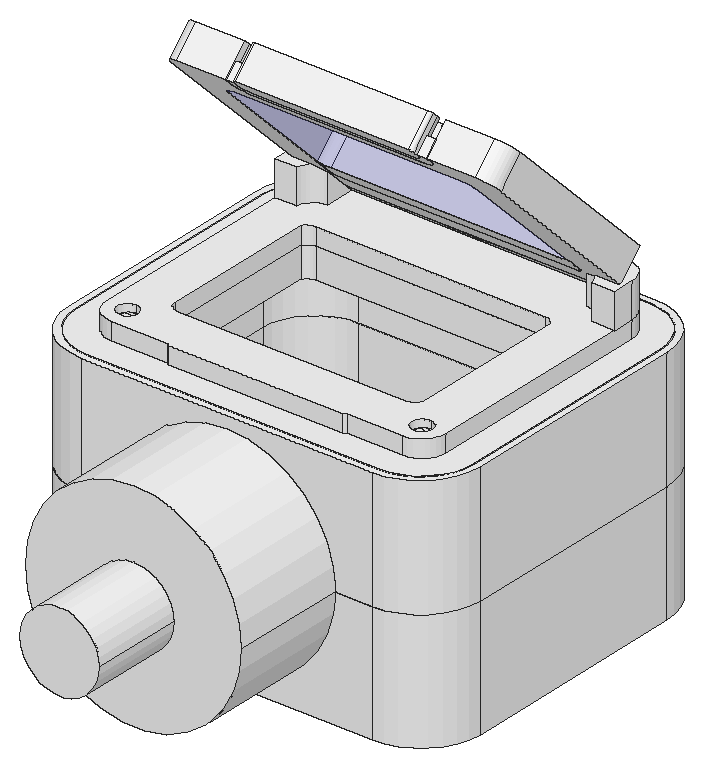
Revit family "Domotics-DomesticRanges-GEWISS-27COMBI_SYSTEM-IP55_FIXING_POST_HEAD", category Apparecchi elettrici, host Superficie, Revit 2016
Family settings
  Host = Superficie
  Mantenere orientamento annotazione = No
  Tipo di parte = Normale
  Quota connettore circolare = Usa diametro
  Numero OmniClass = 23.80.30.14.24
  Titolo OmniClass = Junction Boxes
  Taglio con vuoti quando caricato = Sì
  Condiviso = No
  Punto di calcolo locali = No
Parameters (values of type "GW27056 - 3 gangs - pole head fixing")
  Version file RFA = "19.4"
  URL = "https://www.gewiss.com/ww/en"
  Torque screws tightening = "0,8NM"
  Thermo-pressure with ball = "70 °C"
  Technical sheet = "https://www.gewiss.com/ww/en/search?q=GW27056"
  Standard; = "EN 60670-1"
  Shock resistance = "IK07"
  SPORTELLO APERTO [instance] = yes
  SEO = "Enclosure"
  Realized by GEWISS S.p.A. = ""
  Produttore = "GEWISS S.p.A."
  Outer dim. LxHxD (mm) = "122x149x85"
  Offset = 0 mm
  No. open holes = "1"
  No. SYSTEM modules = "3 gang"
  Modello = "GW27056"
  Lid screws = "Stainless steel"
  Insulation class = "II"
  Installation temperature = "-25 +60 °C"
  IP degree = "IP55"
  IFC.TypeObject = ""
  IFC.ExportType = ""
  IFC.ExportAs = ""
  Default Elevation = 1219.2 mm
  Immagine tipo = gw27056.jpg
  IDT = "95c7bd8d-86a8-4c38-ba26-845f677c2e43"
  IDF = "5c8ceb39-317a-4b59-b217-c3f2397e216f"
  Glow Wire Test = "650°C"
  For pole Ã˜ = "54-60MM"
  Fixing = "Post head"
  Electrocod = "0212"
  EAN code = "8011564055421"
  Door type = "With membrane"
  Door colour: = "Transparent"
  Descrizione = "3 GANG ENCL.POLE HEAD FIXING"
  Description: = "3 gang"
  Colour = "Grey RAL 7035"
  Catalogue Range = "27COMBI"
  Catalogue = "DOMOTICS"
  COBie.Tagnumber = ""
  COBie.CreatedOn = ""
  COBie.CreatebBy = ""
  COBie.ComponentRegisterItemID = ""
  COBie.Component.TagNumber = ""
  COBie.Component.Space = ""
  COBie.Component.SerialNumber = ""
  COBie.Component.InstallationDate = ""
  COBie.Component.Description = ""
  COBie.Component.BarCode = ""
Reference planes
  plane 1 "Centro (Fronte/Retro)": y = 0
  plane 2: z = 0
  plane 3 "Centro (Sinistra/Destra)": x = 0
  plane 4: z = 0
  plane 5: x = -60
  plane 6: x = 60
  plane 7: y = -51.5
  plane 8: y = 51.5
  plane 9: z = 66
Lines and regions (mm)
  Masking region 1
    outline origin (0, 0, 0) x (1, 0, 0) y (0, 0, 1)
      loop
        line (-60, 66) -> (-60, 0) -> (60, 0) -> (60, 66) -> (-60, 66)
  Masking region 2
    outline origin (0, 0, 0) x (0, 1, 0) y (0, 0, 1)
      loop
        line (-51.5, 66) -> (-51.5, 0) -> (51.5, 0) -> (51.5, 66) -> (-51.5, 66)
  Masking region 3
    outline origin (0, 0, 0) x (1, 0, 0) y (0, 1, 0)
      loop
        arc (60, 34) -> (54.874, 46.374) -> (42.5, 51.5) r 17.5
        line (42.5, 51.5) -> (-42.5, 51.5)
        arc (-42.5, 51.5) -> (-54.874, 46.374) -> (-60, 34) r 17.5
        line (-60, 34) -> (-60, -34)
        arc (-60, -34) -> (-54.874, -46.374) -> (-42.5, -51.5) r 17.5
        line (-42.5, -51.5) -> (42.5, -51.5)
        arc (42.5, -51.5) -> (54.874, -46.374) -> (60, -34) r 17.5
        line (60, -34) -> (60, 34)
      loop
        arc (56.306, 34.157) -> (52.271, 43.898) -> (42.529, 47.933) r 13.777
        line (42.529, 47.933) -> (-42.496, 47.933)
        arc (-42.496, 47.933) -> (-51.949, 44.221) -> (-56.35, 35.067) r 13.891
        line (-56.35, 35.067) -> (-56.35, -34)
        arc (-56.35, -34) -> (-52.293, -43.793) -> (-42.5, -47.85) r 13.85
        line (-42.5, -47.85) -> (42.5, -47.85)
        arc (42.5, -47.85) -> (52.675, -43.395) -> (56.306, -32.898) r 13.85
        line (56.306, -32.898) -> (56.306, 34.157)
      loop
        line (26.425, -40.831) -> (42.763, -40.831)
        arc (42.763, -40.831) -> (47.713, -38.781) -> (49.763, -33.831) r 7
        line (49.763, -33.831) -> (49.763, 34.169)
        arc (49.763, 34.169) -> (47.713, 39.118) -> (42.763, 41.169) r 7
        line (42.763, 41.169) -> (-42.237, 41.169)
        arc (-42.237, 41.169) -> (-47.186, 39.118) -> (-49.237, 34.169) r 7
        line (-49.237, 34.169) -> (-49.237, -33.831)
        arc (-49.237, -33.831) -> (-47.186, -38.781) -> (-42.237, -40.831) r 7
        line (-42.237, -40.831) -> (-25.898, -40.831)
        arc (-25.898, -40.831) -> (-25.533, -41.192) -> (-25.037, -41.324) r 1
        line (-25.037, -41.324) -> (25.563, -41.324)
        arc (25.563, -41.324) -> (26.06, -41.192) -> (26.425, -40.831) r 1
      loop
        circle (-17.337, -38.622) r 1
      loop
        circle (-8.537, -38.622) r 1
      loop
        circle (0.263, -38.622) r 1
      loop
        circle (9.063, -38.622) r 1
      loop
        circle (17.863, -38.622) r 1
      loop
        circle (43.263, -34.331) r 3
      loop
        circle (-42.737, -34.331) r 3
      loop
        circle (-42.737, 34.669) r 3
      loop
        circle (43.263, 34.669) r 3
      loop
        arc (-33.5, 30.169) -> (-35.621, 29.29) -> (-36.5, 27.169) r 3
        line (-36.5, 27.169) -> (-36.5, -24.831)
        arc (-36.5, -24.831) -> (-35.621, -26.953) -> (-33.5, -27.831) r 3
        line (-33.5, -27.831) -> (33.5, -27.831)
        arc (33.5, -27.831) -> (35.621, -26.953) -> (36.5, -24.831) r 3
        line (36.5, -24.831) -> (36.5, 27.169)
        arc (36.5, 27.169) -> (35.621, 29.29) -> (33.5, 30.169) r 3
        line (33.5, 30.169) -> (-33.5, 30.169)
      loop
        line (34.65, 19.669) -> (-34.65, 19.669) -> (-34.65, -25.331) -> (34.65, -25.331) -> (34.65, 19.669)
      loop
        line (11.59, -85.533) -> (-11.59, -85.533) -> (-11.59, -112.5) -> (11.59, -112.5) -> (11.59, -85.533)
  Masking region 4
    outline origin (0, 0, 0) x (1, 0, 0) y (0, 1, 0)
      loop
        line (42.529, 47.933) -> (-42.496, 47.933)
        arc (-42.496, 47.933) -> (-51.949, 44.221) -> (-56.35, 35.067) r 13.891
        line (-56.35, 35.067) -> (-56.35, -34)
        arc (-56.35, -34) -> (-52.293, -43.793) -> (-42.5, -47.85) r 13.85
        line (-42.5, -47.85) -> (42.5, -47.85)
        arc (42.5, -47.85) -> (52.675, -43.395) -> (56.306, -32.898) r 13.85
        line (56.306, -32.898) -> (56.306, 34.157)
        arc (56.306, 34.157) -> (52.271, 43.898) -> (42.529, 47.933) r 13.777
      loop
        line (42.763, 41.169) -> (-42.237, 41.169)
        arc (-42.237, 41.169) -> (-47.186, 39.118) -> (-49.237, 34.169) r 7
        line (-49.237, 34.169) -> (-49.237, -33.831)
        arc (-49.237, -33.831) -> (-47.186, -38.781) -> (-42.237, -40.831) r 7
        line (-42.237, -40.831) -> (-25.898, -40.831)
        arc (-25.898, -40.831) -> (-25.533, -41.192) -> (-25.037, -41.324) r 1
        line (-25.037, -41.324) -> (25.563, -41.324)
        arc (25.563, -41.324) -> (26.06, -41.192) -> (26.425, -40.831) r 1
        line (26.425, -40.831) -> (42.763, -40.831)
        arc (42.763, -40.831) -> (47.713, -38.781) -> (49.763, -33.831) r 7
        line (49.763, -33.831) -> (49.763, 34.169)
        arc (49.763, 34.169) -> (47.713, 39.118) -> (42.763, 41.169) r 7
  Masking region 5
    outline origin (0, 0, 0) x (1, 0, 0) y (0, 1, 0)
      loop
        line (-37.737, 41.169) -> (-42.237, 41.169)
        arc (-42.237, 41.169) -> (-47.186, 39.118) -> (-49.237, 34.169) r 7
        line (-49.237, 34.169) -> (-49.237, 27.637)
        arc (-49.237, 27.637) -> (-46.111, 27.71) -> (-42.986, 27.836) r 185.778
        arc (-42.986, 27.836) -> (-41.206, 31.123) -> (-37.737, 32.513) r 5.5
        line (-37.737, 32.513) -> (-37.737, 41.169)
      loop
        line (49.763, 27.16) -> (49.763, 34.169)
        arc (49.763, 34.169) -> (47.713, 39.118) -> (42.763, 41.169) r 7
        line (42.763, 41.169) -> (38.063, 41.169) -> (38.063, 32.217)
        arc (38.063, 32.217) -> (41.631, 30.811) -> (43.264, 27.342) r 5.2
        arc (43.264, 27.342) -> (46.513, 27.221) -> (49.763, 27.16) r 177.869
      loop
        circle (-42.737, 34.669) r 3
      loop
        circle (43.263, 34.669) r 3
      loop
        arc (-33.5, 30.169) -> (-35.621, 29.29) -> (-36.5, 27.169) r 3
        line (-36.5, 27.169) -> (-36.5, 20.971)
        arc (-36.5, 20.971) -> (-35.223, 22.215) -> (-33.5, 22.669) r 3.5
        line (-33.5, 22.669) -> (33.5, 22.669)
        arc (33.5, 22.669) -> (35.223, 22.215) -> (36.5, 20.971) r 3.5
        line (36.5, 20.971) -> (36.5, 27.169)
        arc (36.5, 27.169) -> (35.621, 29.29) -> (33.5, 30.169) r 3
        line (33.5, 30.169) -> (-33.5, 30.169)
  Masking region 6
    outline origin (0, 0, 0) x (1, 0, 0) y (0, 1, 0)
      loop
        arc (-23.037, -35.165) -> (-25.158, -36.044) -> (-26.037, -38.165) r 3
        line (-26.037, -38.165) -> (-26.037, -40.324)
        arc (-26.037, -40.324) -> (-25.744, -41.031) -> (-25.037, -41.324) r 1
        line (-25.037, -41.324) -> (25.563, -41.324)
        arc (25.563, -41.324) -> (26.271, -41.031) -> (26.563, -40.324) r 1
        line (26.563, -40.324) -> (26.563, -38.165)
        arc (26.563, -38.165) -> (25.685, -36.044) -> (23.563, -35.165) r 3
        line (23.563, -35.165) -> (-23.037, -35.165)
      loop
        circle (-17.337, -38.622) r 1
      loop
        circle (-8.537, -38.622) r 1
      loop
        circle (0.263, -38.622) r 1
      loop
        circle (9.063, -38.622) r 1
      loop
        circle (17.863, -38.622) r 1
      loop
        arc (-47.7, 27.667) -> (-48.468, 27.65) -> (-49.237, 27.637) r 185.778
        line (-49.237, 27.637) -> (-49.237, -33.831)
        arc (-49.237, -33.831) -> (-47.186, -38.781) -> (-42.237, -40.831) r 7
        line (-42.237, -40.831) -> (-29.037, -40.831) -> (-29.037, -39.2) -> (-38.5, -39.2)
        arc (-38.5, -39.2) -> (-39.207, -38.907) -> (-39.5, -38.2) r 1
        line (-39.5, -38.2) -> (-39.5, -34.5)
        arc (-39.5, -34.5) -> (-40.525, -32.025) -> (-43, -31) r 3.5
        line (-43, -31) -> (-46.7, -31)
        arc (-46.7, -31) -> (-47.407, -30.707) -> (-47.7, -30) r 1
        line (-47.7, -30) -> (-47.7, 27.667)
      loop
        line (29.563, -40.831) -> (42.763, -40.831)
        arc (42.763, -40.831) -> (47.713, -38.781) -> (49.763, -33.831) r 7
        line (49.763, -33.831) -> (49.763, 27.16)
        arc (49.763, 27.16) -> (48.732, 27.173) -> (47.7, 27.192) r 177.869
        line (47.7, 27.192) -> (47.7, -30)
        arc (47.7, -30) -> (47.407, -30.707) -> (46.7, -31) r 1
        line (46.7, -31) -> (43, -31)
        arc (43, -31) -> (40.525, -32.025) -> (39.5, -34.5) r 3.5
        line (39.5, -34.5) -> (39.5, -38.2)
        arc (39.5, -38.2) -> (39.207, -38.907) -> (38.5, -39.2) r 1
        line (38.5, -39.2) -> (29.563, -39.2) -> (29.563, -40.831)
      loop
        circle (-42.737, -34.331) r 3
      loop
        circle (43.263, -34.331) r 3
      loop
        line (38.063, 38.269) -> (38.063, 41.169) -> (-37.737, 41.169) -> (-37.737, 38.268)
        arc (-37.737, 38.268) -> (0.163, 39.169) -> (38.063, 38.269) r 798.156
  Masking region 7
    outline origin (0, 0, 0) x (1, 0, 0) y (0, 1, 0)
      loop
        line (-31.618, -85.533) -> (31.618, -85.533) -> (31.618, -51.5) -> (-31.618, -51.5) -> (-31.618, -85.533)
  Masking region 8
    outline origin (0, 0, 0) x (1, 0, 0) y (0, 1, 0)
      loop
        circle (-42.737, 34.669) r 3
      loop
        circle (43.263, 34.669) r 3
      loop
        circle (43.263, -34.331) r 3
      loop
        circle (-42.737, -34.331) r 3
      loop
        arc (33.5, -27.831) -> (35.621, -26.953) -> (36.5, -24.831) r 3
        line (36.5, -24.831) -> (36.5, 20.971)
        arc (36.5, 20.971) -> (35.223, 22.215) -> (33.5, 22.669) r 3.5
        line (33.5, 22.669) -> (-33.5, 22.669)
        arc (-33.5, 22.669) -> (-35.223, 22.215) -> (-36.5, 20.971) r 3.5
        line (-36.5, 20.971) -> (-36.5, -24.831)
        arc (-36.5, -24.831) -> (-35.621, -26.953) -> (-33.5, -27.831) r 3
        line (-33.5, -27.831) -> (33.5, -27.831)
      loop
        line (-34.65, -25.331) -> (34.65, -25.331) -> (34.65, 19.669) -> (-34.65, 19.669) -> (-34.65, -25.331)
      loop
        circle (-17.337, -38.622) r 1
      loop
        circle (-8.537, -38.622) r 1
      loop
        circle (0.263, -38.622) r 1
      loop
        circle (9.063, -38.622) r 1
      loop
        circle (17.863, -38.622) r 1
Dimensions and locks
  "Offset": plane 4 to host face
  locked: plane 9 to plane 4 at 66
  aligned and locked: plane 2 to host face
  aligned and locked: level to host face
  aligned and locked: plane 3 "Centro (Sinistra/Destra)" to nested 1
  aligned and locked: plane 1 "Centro (Fronte/Retro)" to nested 1
  aligned and locked: Masking region 1 sketch curve to plane 9
  aligned and locked: plane 5 to Masking region 1 sketch curve
  aligned and locked: Masking region 1 sketch curve to nested 1
  aligned and locked: Masking region 2 sketch curve to plane 9
  aligned and locked: plane 7 to Masking region 2 sketch curve
  aligned and locked: Masking region 2 sketch curve to nested 1
  aligned and locked: plane 4 to Masking region 2 sketch curve
  aligned and locked: plane 4 to Masking region 1 sketch curve
Automatic sketch dimensions
  host sketch curve to host sketch curve = 2438.4 mm  (x2)
  plane 5 to Masking region 4 sketch curve = 3.65 mm
  Masking region 4 sketch curve to Masking region 4 sketch curve = 7.113 mm
  plane 7 to Masking region 4 sketch curve = 3.65 mm
  Masking region 4 sketch curve to Masking region 4 sketch curve = 6.737 mm
  Masking region 4 sketch curve to Masking region 4 sketch curve = 6.741 mm
  Masking region 4 sketch curve to Masking region 4 sketch curve = 0.263 mm  (x2)
  Masking region 4 sketch curve to Masking region 4 sketch curve = 0.259 mm
  plane 7 to Masking region 4 sketch curve = 10.669 mm
  Masking region 4 sketch curve to Masking region 4 sketch curve = 16.338 mm
  Masking region 4 sketch curve to Masking region 4 sketch curve = 0.862 mm  (x2)
  plane 3 "Centro (Sinistra/Destra)" to Masking region 4 sketch curve = 25.563 mm
  Masking region 4 sketch curve to Masking region 4 sketch curve = 16.075 mm
  Masking region 4 sketch curve to plane 8 = 3.567 mm
  Masking region 4 sketch curve to plane 6 = 17.471 mm
  Masking region 4 sketch curve to Masking region 4 sketch curve = 0.235 mm
  Masking region 4 sketch curve to Masking region 4 sketch curve = 7 mm
  Masking region 4 sketch curve to plane 6 = 3.694 mm
  plane 7 to Masking region 4 sketch curve = 10.176 mm
  Masking region 4 sketch curve to Masking region 4 sketch curve = 7.018 mm
  Masking region 4 sketch curve to Masking region 4 sketch curve = 0.169 mm
  Masking region 4 sketch curve to Masking region 4 sketch curve = 13.891 mm
  Masking region 4 sketch curve to Masking region 4 sketch curve = 0.127 mm
  plane 5 to Masking region 5 sketch curve = 7.985 mm
  plane 5 to Masking region 5 sketch curve = 10.763 mm
  Masking region 5 sketch curve to Masking region 5 sketch curve = 6.5 mm  (x2)
  Masking region 5 sketch curve to Masking region 5 sketch curve = 0.5 mm  (x4)
  Masking region 5 sketch curve to Masking region 5 sketch curve = 4.5 mm
  Masking region 5 sketch curve to Masking region 5 sketch curve = 0.189 mm
  Masking region 5 sketch curve to Masking region 5 sketch curve = 1.048 mm
  Masking region 5 sketch curve to Masking region 5 sketch curve = 3 mm  (x4)
  Masking region 5 sketch curve to Masking region 5 sketch curve = 0 mm
  Masking region 5 sketch curve to Masking region 5 sketch curve = 4.563 mm
  Masking region 5 sketch curve to Masking region 5 sketch curve = 1.575 mm
  Masking region 5 sketch curve to Masking region 5 sketch curve = 4.7 mm
  Masking region 5 sketch curve to plane 6 = 8.494 mm
  Masking region 5 sketch curve to plane 1 "Centro (Fronte/Retro)" = 19.169 mm  (x2)
  Masking region 5 sketch curve to Masking region 5 sketch curve = 1.803 mm
  Masking region 5 sketch curve to Masking region 5 sketch curve = 6.045 mm
  Masking region 5 sketch curve to Masking region 5 sketch curve = 4.348 mm
  Masking region 5 sketch curve to Masking region 5 sketch curve = 0.143 mm
  Masking region 5 sketch curve to Masking region 5 sketch curve = 0.152 mm
  Masking region 5 sketch curve to Masking region 5 sketch curve = 0.621 mm
  Masking region 5 sketch curve to Masking region 5 sketch curve = 2.048 mm
  Masking region 5 sketch curve to Masking region 5 sketch curve = 2.345 mm
  Masking region 5 sketch curve to Masking region 5 sketch curve = 1.952 mm
  Masking region 5 sketch curve to Masking region 5 sketch curve = 1.655 mm
  plane 8 to Masking region 5 sketch curve = 153.52 mm
  Masking region 5 sketch curve to Masking region 5 sketch curve = 8.374 mm
  Masking region 6 sketch curve to Masking region 6 sketch curve = 0 mm  (x6)
  plane 5 to Masking region 6 sketch curve = 7.985 mm
  plane 5 to Masking region 6 sketch curve = 10.763 mm
  Masking region 6 sketch curve to Masking region 6 sketch curve = 1.537 mm
  Masking region 6 sketch curve to Masking region 6 sketch curve = 1 mm  (x7)
  Masking region 6 sketch curve to Masking region 6 sketch curve = 3.7 mm  (x4)
  Masking region 6 sketch curve to Masking region 6 sketch curve = 0.263 mm  (x2)
  Masking region 6 sketch curve to Masking region 6 sketch curve = 0.763 mm
  Masking region 6 sketch curve to Masking region 6 sketch curve = 2.737 mm  (x2)
  Masking region 6 sketch curve to Masking region 6 sketch curve = 9.963 mm
  Masking region 6 sketch curve to Masking region 6 sketch curve = 9.463 mm
  Masking region 6 sketch curve to Masking region 6 sketch curve = 3 mm  (x3)
  Masking region 6 sketch curve to Masking region 6 sketch curve = 5.7 mm  (x2)
  Masking region 6 sketch curve to plane 3 "Centro (Sinistra/Destra)" = 8.537 mm
  plane 3 "Centro (Sinistra/Destra)" to Masking region 6 sketch curve = 0.17 mm
  plane 3 "Centro (Sinistra/Destra)" to Masking region 6 sketch curve = 0.263 mm
  Masking region 6 sketch curve to Masking region 6 sketch curve = 8.8 mm  (x2)
  Masking region 6 sketch curve to Masking region 6 sketch curve = 2 mm
  Masking region 6 sketch curve to plane 8 = 10.331 mm
  Masking region 6 sketch curve to plane 6 = 21.937 mm
  Masking region 6 sketch curve to Masking region 6 sketch curve = 8.937 mm
  Masking region 6 sketch curve to Masking region 6 sketch curve = 3.263 mm
  Masking region 6 sketch curve to Masking region 6 sketch curve = 0.237 mm
  Masking region 6 sketch curve to Masking region 6 sketch curve = 3.063 mm
  Masking region 6 sketch curve to plane 6 = 8.494 mm
  Masking region 6 sketch curve to Masking region 6 sketch curve = 2.9 mm
  Masking region 6 sketch curve to Masking region 6 sketch curve = 10.601 mm
  Masking region 6 sketch curve to Masking region 6 sketch curve = 0.029 mm
  Masking region 6 sketch curve to Masking region 6 sketch curve = 11.077 mm
  Masking region 6 sketch curve to Masking region 6 sketch curve = 0.032 mm
  plane 7 to Masking region 6 sketch curve = 21.5 mm  (x2)
  Masking region 6 sketch curve to Masking region 6 sketch curve = 0.669 mm
  Masking region 6 sketch curve to Masking region 6 sketch curve = 2.831 mm
  Masking region 6 sketch curve to Masking region 6 sketch curve = 0.169 mm  (x2)
  Masking region 6 sketch curve to Masking region 6 sketch curve = 5.666 mm
  plane 7 to Masking region 6 sketch curve = 12.878 mm
  Masking region 6 sketch curve to Masking region 6 sketch curve = 0.457 mm  (x2)
  Masking region 6 sketch curve to Masking region 6 sketch curve = 2.158 mm
  Masking region 6 sketch curve to plane 7 = 707.488 mm
  Masking region 3 sketch curve to Masking region 3 sketch curve = 0 mm  (x6)
  Masking region 3 sketch curve to plane 5 = 0 mm
  Masking region 3 sketch curve to plane 7 = 0 mm
  Masking region 3 sketch curve to plane 6 = 0 mm
  plane 5 to Masking region 3 sketch curve = 3.65 mm
  Masking region 3 sketch curve to Masking region 3 sketch curve = 7.113 mm
  Masking region 3 sketch curve to Masking region 3 sketch curve = 6.5 mm  (x3)
  Masking region 3 sketch curve to Masking region 3 sketch curve = 0.237 mm  (x2)
  Masking region 3 sketch curve to plane 8 = 0 mm
  Masking region 3 sketch curve to Masking region 3 sketch curve = 0.004 mm
  Masking region 3 sketch curve to Masking region 3 sketch curve = 0.259 mm
  Masking region 3 sketch curve to Masking region 3 sketch curve = 0.5 mm  (x6)
  Masking region 3 sketch curve to Masking region 3 sketch curve = 5.737 mm
  Masking region 3 sketch curve to Masking region 3 sketch curve = 1.85 mm
  Masking region 3 sketch curve to Masking region 3 sketch curve = 3 mm  (x2)
  Masking region 3 sketch curve to Masking region 3 sketch curve = 1.15 mm  (x2)
  Masking region 3 sketch curve to Masking region 3 sketch curve = 7.602 mm
  Masking region 3 sketch curve to Masking region 3 sketch curve = 0.862 mm  (x2)
  Masking region 3 sketch curve to Masking region 3 sketch curve = 7.7 mm  (x2)
  Masking region 3 sketch curve to plane 3 "Centro (Sinistra/Destra)" = 11.59 mm
  Masking region 3 sketch curve to plane 3 "Centro (Sinistra/Destra)" = 8.537 mm
  plane 3 "Centro (Sinistra/Destra)" to Masking region 3 sketch curve = 0.263 mm
  Masking region 3 sketch curve to Masking region 3 sketch curve = 8.8 mm  (x2)
  plane 3 "Centro (Sinistra/Destra)" to Masking region 3 sketch curve = 11.59 mm
  Masking region 3 sketch curve to Masking region 3 sketch curve = 7.937 mm
  Masking region 3 sketch curve to plane 6 = 26.5 mm
  Masking region 3 sketch curve to Masking region 3 sketch curve = 9 mm
  Masking region 3 sketch curve to plane 6 = 17.5 mm
  Masking region 3 sketch curve to Masking region 3 sketch curve = 0.029 mm
  Masking region 3 sketch curve to Masking region 3 sketch curve = 0.235 mm
  Masking region 3 sketch curve to Masking region 3 sketch curve = 0.263 mm
  Masking region 3 sketch curve to plane 6 = 3.694 mm
  Masking region 3 sketch curve to plane 7 = 61 mm
  Masking region 3 sketch curve to Masking region 3 sketch curve = 3.65 mm
  plane 7 to Masking region 3 sketch curve = 10.176 mm
  Masking region 3 sketch curve to Masking region 3 sketch curve = 6.831 mm
  Masking region 3 sketch curve to Masking region 3 sketch curve = 0.492 mm
  Masking region 3 sketch curve to Masking region 3 sketch curve = 1.701 mm  (x2)
  Masking region 3 sketch curve to Masking region 3 sketch curve = 0.331 mm
  Masking region 3 sketch curve to Masking region 3 sketch curve = 6 mm
  Masking region 3 sketch curve to Masking region 3 sketch curve = 14.331 mm
  Masking region 3 sketch curve to Masking region 3 sketch curve = 7.5 mm
  Masking region 3 sketch curve to Masking region 3 sketch curve = 0.042 mm
  Masking region 3 sketch curve to Masking region 3 sketch curve = 0.157 mm
  Masking region 3 sketch curve to Masking region 3 sketch curve = 0.169 mm
  Masking region 3 sketch curve to Masking region 3 sketch curve = 0.627 mm
  Masking region 3 sketch curve to Masking region 3 sketch curve = 26.967 mm
  Masking region 7 sketch curve to plane 7 = 0 mm
  plane 5 to Masking region 7 sketch curve = 28.382 mm
  Masking region 7 sketch curve to plane 6 = 28.382 mm
  Masking region 7 sketch curve to Masking region 7 sketch curve = 34.033 mm
  Masking region 5 sketch curve to plane 6 = 26.5 mm
  plane 5 to Masking region 8 sketch curve = 17.263 mm  (x2)
  Masking region 8 sketch curve to plane 8 = 16.831 mm  (x2)
  Masking region 8 sketch curve to Masking region 8 sketch curve = 3 mm  (x6)
  Masking region 8 sketch curve to plane 6 = 16.737 mm  (x2)
  plane 7 to Masking region 8 sketch curve = 17.169 mm  (x2)
  Masking region 8 sketch curve to Masking region 8 sketch curve = 3.237 mm
  Masking region 8 sketch curve to Masking region 8 sketch curve = 6.763 mm
  Masking region 8 sketch curve to Masking region 8 sketch curve = 6.5 mm
  Masking region 8 sketch curve to Masking region 8 sketch curve = 13.697 mm
  Masking region 8 sketch curve to Masking region 8 sketch curve = 1.15 mm  (x3)
  Masking region 8 sketch curve to Masking region 8 sketch curve = 0.5 mm  (x3)
  Masking region 8 sketch curve to Masking region 8 sketch curve = 1.85 mm
  Masking region 8 sketch curve to Masking region 8 sketch curve = 1.803 mm
  Masking region 8 sketch curve to plane 3 "Centro (Sinistra/Destra)" = 17.337 mm
  plane 7 to Masking region 8 sketch curve = 12.878 mm
  Masking region 8 sketch curve to Masking region 8 sketch curve = 1 mm  (x4)
  Masking region 8 sketch curve to Masking region 8 sketch curve = 7.8 mm  (x3)
  Masking region 8 sketch curve to Masking region 8 sketch curve = 0 mm  (x6)
  plane 3 "Centro (Sinistra/Destra)" to Masking region 8 sketch curve = 0.263 mm
  Masking region 8 sketch curve to plane 3 "Centro (Sinistra/Destra)" = 0.737 mm
  radius of Masking region 5 sketch curve = 3 mm
  radius of Masking region 6 sketch curve = 1 mm  (x4)
  radius of Masking region 6 sketch curve = 3 mm
  radius of Masking region 3 sketch curve = 1 mm  (x5)
  radius of Masking region 3 sketch curve = 3 mm  (x4)
Nested families
  nested 1: "SYSTEM CONTENITORI IP55 3P TESTAPALO_BASE" at (0, 0, 0), Sportello aperto <- "SPORTELLO APERTO", type "SYSTEM CONTENITORI IP55 3P TESTAPALO_BASE"
    with Sportello chiuso no, Sportello aperto yes
Definition of nested family "SYSTEM CONTENITORI IP55 3P TESTAPALO_BASE"
  Parameters (values of type "SYSTEM CONTENITORI IP55 3P TESTAPALO_BASE")
    VETRO = none
    Sportello chiuso [instance] = not(Sportello aperto)  # no
    Sportello aperto [instance] = yes
    SCATOLA = none
    Profondità scatola = 85 mm
    Larghezza scatola = 120 mm
    Altezza scatola = 103 mm
    ACCIAIO = none
  Reference planes
    plane 1 "Centro (Fronte/Retro)": y = 0
    plane 2: z = 0
    plane 3 "Centro (Sinistra/Destra)": x = 0
    plane 4: x = -60
    plane 5: x = 60
    plane 6: y = 51.5
    plane 7: y = -51.5
    plane 8: z = 35
    plane 9: z = 75
    plane 10 "1": y = 34.669
    plane 11 "PIANO BIDIMENSIONALE": z = 70
    plane 12: z = 73
  Forms (mm)
    Extrusion 1, solid, material <- "SCATOLA", detail levels medium+fine
      sketch origin (0, 0, 85) x (0, -1, 0) y (1, 0, 0)
        loop
          line (-51.5, 42.5) -> (-51.5, -42.5)
          arc (-51.5, -42.5) -> (-46.374, -54.874) -> (-34, -60) r 17.5
          line (-34, -60) -> (34, -60)
          arc (34, -60) -> (46.374, -54.874) -> (51.5, -42.5) r 17.5
          line (51.5, -42.5) -> (51.5, 42.5)
          arc (51.5, 42.5) -> (46.374, 54.874) -> (34, 60) r 17.5
          line (34, 60) -> (-34, 60)
          arc (-34, 60) -> (-46.374, 54.874) -> (-51.5, 42.5) r 17.5
        loop
          line (-49.5, 42.5) -> (-49.5, -42.5)
          arc (-49.5, -42.5) -> (-44.96, -53.46) -> (-34, -58) r 15.5
          line (-34, -58) -> (34, -58)
          arc (34, -58) -> (44.96, -53.46) -> (49.5, -42.5) r 15.5
          line (49.5, -42.5) -> (49.5, 42.5)
          arc (49.5, 42.5) -> (44.96, 53.46) -> (34, 58) r 15.5
          line (34, 58) -> (-34, 58)
          arc (-34, 58) -> (-44.96, 53.46) -> (-49.5, 42.5) r 15.5
      from -85 to -50
    Extrusion 2, solid, material <- "SCATOLA", detail levels medium+fine
      sketch origin (0, 0, 85) x (0, -1, 0) y (1, 0, 0)
        loop
          arc (-49.5, -42.5) -> (-44.96, -53.46) -> (-34, -58) r 15.5
          line (-34, -58) -> (34, -58)
          arc (34, -58) -> (44.96, -53.46) -> (49.5, -42.5) r 15.5
          line (49.5, -42.5) -> (49.5, 42.5)
          arc (49.5, 42.5) -> (44.96, 53.46) -> (34, 58) r 15.5
          line (34, 58) -> (-34, 58)
          arc (-34, 58) -> (-44.96, 53.46) -> (-49.5, 42.5) r 15.5
          line (-49.5, 42.5) -> (-49.5, -42.5)
      from -85 to -83
    Extrusion 3, solid, material <- "SCATOLA", detail levels medium+fine
      sketch origin (0, 0, 85) x (0, -1, 0) y (1, 0, 0)
        loop
          line (-51.5, 42.5) -> (-51.5, -42.5)
          arc (-51.5, -42.5) -> (-46.374, -54.874) -> (-34, -60) r 17.5
          line (-34, -60) -> (34, -60)
          arc (34, -60) -> (46.374, -54.874) -> (51.5, -42.5) r 17.5
          line (51.5, -42.5) -> (51.5, 42.5)
          arc (51.5, 42.5) -> (46.374, 54.874) -> (34, 60) r 17.5
          line (34, 60) -> (-34, 60)
          arc (-34, 60) -> (-46.374, 54.874) -> (-51.5, 42.5) r 17.5
        loop
          line (-49.5, 42.5) -> (-49.5, -42.5)
          arc (-49.5, -42.5) -> (-44.96, -53.46) -> (-34, -58) r 15.5
          line (-34, -58) -> (34, -58)
          arc (34, -58) -> (44.96, -53.46) -> (49.5, -42.5) r 15.5
          line (49.5, -42.5) -> (49.5, 42.5)
          arc (49.5, 42.5) -> (44.96, 53.46) -> (34, 58) r 15.5
          line (34, 58) -> (-34, 58)
          arc (-34, 58) -> (-44.96, 53.46) -> (-49.5, 42.5) r 15.5
      from -50 to -15
    Extrusion 4, solid, material <- "SCATOLA", detail levels medium+fine
      sketch origin (0, 0, 85) x (0, -1, 0) y (1, 0, 0)
        loop
          line (40.831, -42.237) -> (40.831, -25.898)
          arc (40.831, -25.898) -> (41.192, -25.533) -> (41.324, -25.037) r 1
          line (41.324, -25.037) -> (41.324, 25.563)
          arc (41.324, 25.563) -> (41.192, 26.06) -> (40.831, 26.425) r 1
          line (40.831, 26.425) -> (40.831, 42.763)
          arc (40.831, 42.763) -> (38.781, 47.713) -> (33.831, 49.763) r 7
          line (33.831, 49.763) -> (-34.169, 49.763)
          arc (-34.169, 49.763) -> (-39.118, 47.713) -> (-41.169, 42.763) r 7
          line (-41.169, 42.763) -> (-41.169, -42.237)
          arc (-41.169, -42.237) -> (-39.118, -47.186) -> (-34.169, -49.237) r 7
          line (-34.169, -49.237) -> (33.831, -49.237)
          arc (33.831, -49.237) -> (38.781, -47.186) -> (40.831, -42.237) r 7
        loop
          circle (-34.669, -42.737) r 3
        loop
          circle (-34.669, 42.737) r 3
        loop
          circle (34.331, -42.737) r 3
        loop
          circle (34.331, 43.263) r 3
        loop
          arc (-22.669, -33.5) -> (-22.215, -35.223) -> (-20.971, -36.5) r 3.5
          line (-20.971, -36.5) -> (24.831, -36.5)
          arc (24.831, -36.5) -> (26.953, -35.621) -> (27.831, -33.5) r 3
          line (27.831, -33.5) -> (27.831, 33.5)
          arc (27.831, 33.5) -> (26.953, 35.621) -> (24.831, 36.5) r 3
          line (24.831, 36.5) -> (-20.971, 36.5)
          arc (-20.971, 36.5) -> (-22.215, 35.223) -> (-22.669, 33.5) r 3.5
          line (-22.669, 33.5) -> (-22.669, -33.5)
      from -15 to -10
    Extrusion 5, solid, material <- "SCATOLA", visible <- "Sportello chiuso", detail levels medium+fine
      sketch origin (0, 0, 85) x (0, -1, 0) y (1, 0, 0)
        loop
          arc (34.465, -47.7) -> (37.514, -46.322) -> (39.2, -43.432) r 5.5
          line (39.2, -43.432) -> (39.2, -29.037) -> (37.188, -29.037)
          arc (37.188, -29.037) -> (34.006, -27.719) -> (32.688, -24.537) r 4.5
          line (32.688, -24.537) -> (32.688, 25.063)
          arc (32.688, 25.063) -> (34.006, 28.245) -> (37.188, 29.563) r 4.5
          line (37.188, 29.563) -> (39.2, 29.563) -> (39.2, 43.958)
          arc (39.2, 43.958) -> (37.272, 47.054) -> (33.831, 48.263) r 5.5
          line (33.831, 48.263) -> (-27.654, 48.263)
          arc (-27.654, 48.263) -> (-27.726, 45.624) -> (-27.836, 42.986) r 185.778
          arc (-27.836, 42.986) -> (-31.123, 41.206) -> (-32.513, 37.737) r 5.5
          line (-32.513, 37.737) -> (-38.284, 37.737)
          arc (-38.284, 37.737) -> (-39.169, 0) -> (-38.268, -37.737) r 798.156
          line (-38.268, -37.737) -> (-32.513, -37.737)
          arc (-32.513, -37.737) -> (-31.123, -41.206) -> (-27.836, -42.986) r 5.5
          arc (-27.836, -42.986) -> (-27.736, -45.343) -> (-27.667, -47.7) r 185.778
          line (-27.667, -47.7) -> (34.465, -47.7)
        loop
          arc (24.831, -36.5) -> (26.953, -35.621) -> (27.831, -33.5) r 3
          line (27.831, -33.5) -> (27.831, 33.5)
          arc (27.831, 33.5) -> (26.953, 35.621) -> (24.831, 36.5) r 3
          line (24.831, 36.5) -> (-27.169, 36.5)
          arc (-27.169, 36.5) -> (-29.29, 35.621) -> (-30.169, 33.5) r 3
          line (-30.169, 33.5) -> (-30.169, -33.5)
          arc (-30.169, -33.5) -> (-29.29, -35.621) -> (-27.169, -36.5) r 3
          line (-27.169, -36.5) -> (24.831, -36.5)
      from -10 to 0
    Extrusion 6, solid, material <- "SCATOLA", visible <- "Sportello chiuso", detail levels medium+fine
      sketch origin (0, 0, 85) x (0, -1, 0) y (1, 0, 0)
        loop
          line (-22.669, -33.5) -> (-22.669, 33.5)
          arc (-22.669, 33.5) -> (-22.215, 35.223) -> (-20.971, 36.5) r 3.5
          line (-20.971, 36.5) -> (-27.169, 36.5)
          arc (-27.169, 36.5) -> (-29.29, 35.621) -> (-30.169, 33.5) r 3
          line (-30.169, 33.5) -> (-30.169, -33.5)
          arc (-30.169, -33.5) -> (-29.29, -35.621) -> (-27.169, -36.5) r 3
          line (-27.169, -36.5) -> (-20.971, -36.5)
          arc (-20.971, -36.5) -> (-22.215, -35.223) -> (-22.669, -33.5) r 3.5
      from -10 to -0.5
    Extrusion 7, solid, material <- "VETRO", visible <- "Sportello chiuso", detail levels medium+fine
      sketch origin (0, 0, 85) x (0, -1, 0) y (1, 0, 0)
        loop
          arc (-22.669, -33.5) -> (-22.215, -35.223) -> (-20.971, -36.5) r 3.5
          line (-20.971, -36.5) -> (24.831, -36.5)
          arc (24.831, -36.5) -> (26.953, -35.621) -> (27.831, -33.5) r 3
          line (27.831, -33.5) -> (27.831, 33.5)
          arc (27.831, 33.5) -> (26.953, 35.621) -> (24.831, 36.5) r 3
          line (24.831, 36.5) -> (-20.971, 36.5)
          arc (-20.971, 36.5) -> (-22.215, 35.223) -> (-22.669, 33.5) r 3.5
          line (-22.669, 33.5) -> (-22.669, -33.5)
      from -10 to 0
    Revolve 8, solid, material <- "ACCIAIO", detail levels medium+fine
      sketch origin (0, 34.669, -1) x (1, 0, 0) y (0, 0, 1)
        loop
          line (-44.978, 84) -> (-42.737, 84) -> (-42.737, 85)
          arc (-42.737, 85) -> (-43.965, 84.742) -> (-44.978, 84) r 2.974
        axis (-42.737, 85) -> (-42.737, 84)
      angle from 0 to 360
    Extrusion 9, solid, material <- "SCATOLA", detail levels medium+fine
      sketch origin (0, 0, 85) x (0, -1, 0) y (1, 0, 0)
        loop
          circle (-34.669, -42.737) r 3
      from -15 to -2
    Revolve 10, solid, material <- "ACCIAIO", detail levels medium+fine
      sketch origin (0, 34.669, -1) x (-1, 0, 0) y (0, 0, 1)
        loop
          line (-44.978, 84) -> (-42.737, 84) -> (-42.737, 85)
          arc (-42.737, 85) -> (-43.965, 84.742) -> (-44.978, 84) r 2.974
        axis (-42.737, 85) -> (-42.737, 84)
      angle from 0 to 360
    Extrusion 11, solid, material <- "SCATOLA", detail levels medium+fine
      sketch origin (0, 0, 85) x (0, -1, 0) y (1, 0, 0)
        loop
          circle (-34.669, 42.737) r 3
      from -15 to -2
    Extrusion 12, solid, material <- "SCATOLA", detail levels medium+fine
      sketch origin (0, 0.337, 85) x (0, 1, 0) y (-1, 0, 0)
        loop
          circle (-34.669, 42.737) r 3
      from -15 to -12
    Extrusion 13, solid, material <- "SCATOLA", detail levels medium+fine
      sketch origin (0.937, 0.337, 85) x (0, 1, 0) y (-1, 0, 0)
        loop
          circle (-34.669, -42.327) r 3
      from -15 to -12
    Extrusion 14, solid, visible <- "Sportello chiuso", detail levels medium+fine
      sketch origin (0, 0, 85) x (0, -1, 0) y (1, 0, 0)
        loop
          arc (35.165, -23.037) -> (36.044, -25.158) -> (38.165, -26.037) r 3
          line (38.165, -26.037) -> (40.324, -26.037)
          arc (40.324, -26.037) -> (41.031, -25.744) -> (41.324, -25.037) r 1
          line (41.324, -25.037) -> (41.324, 25.563)
          arc (41.324, 25.563) -> (41.031, 26.271) -> (40.324, 26.563) r 1
          line (40.324, 26.563) -> (38.165, 26.563)
          arc (38.165, 26.563) -> (36.044, 25.685) -> (35.165, 23.563) r 3
          line (35.165, 23.563) -> (35.165, -23.037)
      from -10 to 0
    Extrusion 15, solid, detail levels medium+fine
      sketch origin (0, 0, 85) x (0, -1, 0) y (1, 0, 0)
        loop
          arc (-32.513, 37.737) -> (-31.123, 41.206) -> (-27.836, 42.986) r 5.5
          arc (-27.836, 42.986) -> (-27.702, 46.374) -> (-27.63, 49.763) r 185.778
          line (-27.63, 49.763) -> (-34.169, 49.763)
          arc (-34.169, 49.763) -> (-39.118, 47.713) -> (-41.169, 42.763) r 7
          line (-41.169, 42.763) -> (-41.169, 37.737) -> (-32.513, 37.737)
        loop
          arc (-41.169, -42.237) -> (-39.118, -47.186) -> (-34.169, -49.237) r 7
          line (-34.169, -49.237) -> (-27.637, -49.237)
          arc (-27.637, -49.237) -> (-27.71, -46.111) -> (-27.836, -42.986) r 185.778
          arc (-27.836, -42.986) -> (-31.123, -41.206) -> (-32.513, -37.737) r 5.5
          line (-32.513, -37.737) -> (-41.169, -37.737) -> (-41.169, -42.237)
        loop
          circle (-34.669, -42.737) r 3
        loop
          circle (-34.669, 42.737) r 3
      from -10 to 0
    SweptBlend 16, solid, material <- "SCATOLA", visible <- "Sportello chiuso", detail levels medium+fine
      path in 3D
        loop
          line (37.737, 41.169, 75) -> (0, 41.169, 75)
      profile origin (37.737, 41.169, 75) x (0, -1, 0) y (0, 0, 1)
        loop
          line (0, 0) -> (2.885, 0) -> (2.885, 10)
          arc (2.885, 10) -> (0.773, 7.886) -> (0, 5) r 5.776
          line (0, 5) -> (0, 0)
      end profile origin (0, 41.169, 75) x (0, -1, 0) y (0, 0, 1)
        loop
          line (0, 0) -> (2, 0) -> (2, 10)
          arc (2, 10) -> (0.519, 7.693) -> (0, 5) r 7.25
          line (0, 5) -> (0, 0)
    SweptBlend 17, solid, material <- "SCATOLA", visible <- "Sportello chiuso", detail levels medium+fine
      path in 3D
        loop
          line (-37.737, 41.169, 75) -> (0, 41.169, 75)
      profile origin (-37.737, 41.169, 75) x (0, 1, 0) y (0, 0, 1)
        loop
          line (0, 0) -> (0, 5)
          arc (0, 5) -> (-0.773, 7.886) -> (-2.885, 10) r 5.776
          line (-2.885, 10) -> (-2.885, 0) -> (0, 0)
      end profile origin (0, 41.169, 75) x (0, 1, 0) y (0, 0, 1)
        loop
          line (0, 0) -> (0, 5)
          arc (0, 5) -> (-0.519, 7.693) -> (-2, 10) r 7.25
          line (-2, 10) -> (-2, 0) -> (0, 0)
    Extrusion 18, solid, visible <- "Sportello chiuso", detail levels medium+fine
      sketch origin (0, 0, 85) x (0, -1, 0) y (1, 0, 0)
        loop
          line (39.2, -29.037) -> (39.2, 29.563) -> (37.188, 29.563)
          arc (37.188, 29.563) -> (34.006, 28.245) -> (32.688, 25.063) r 4.5
          line (32.688, 25.063) -> (32.688, -24.537)
          arc (32.688, -24.537) -> (34.006, -27.719) -> (37.188, -29.037) r 4.5
          line (37.188, -29.037) -> (39.2, -29.037)
      from -10 to -5
    Extrusion 19, solid, material <- "SCATOLA", visible <- "Sportello chiuso", not visible, detail levels medium+fine
      sketch origin (0, 0, 85) x (0, -1, 0) y (1, 0, 0)
        loop
          arc (34.465, -47.7) -> (37.514, -46.322) -> (39.2, -43.432) r 5.5
          line (39.2, -43.432) -> (39.2, -29.037) -> (37.188, -29.037)
          arc (37.188, -29.037) -> (34.006, -27.719) -> (32.688, -24.537) r 4.5
          line (32.688, -24.537) -> (32.688, 25.063)
          arc (32.688, 25.063) -> (34.006, 28.245) -> (37.188, 29.563) r 4.5
          line (37.188, 29.563) -> (39.2, 29.563) -> (39.2, 43.958)
          arc (39.2, 43.958) -> (37.272, 47.054) -> (33.831, 48.263) r 5.5
          line (33.831, 48.263) -> (-27.654, 48.263)
          arc (-27.654, 48.263) -> (-27.726, 45.624) -> (-27.836, 42.986) r 185.778
          arc (-27.836, 42.986) -> (-31.123, 41.206) -> (-32.513, 37.737) r 5.5
          line (-32.513, 37.737) -> (-38.284, 37.737)
          arc (-38.284, 37.737) -> (-39.169, 0) -> (-38.268, -37.737) r 798.156
          line (-38.268, -37.737) -> (-32.513, -37.737)
          arc (-32.513, -37.737) -> (-31.123, -41.206) -> (-27.836, -42.986) r 5.5
          arc (-27.836, -42.986) -> (-27.736, -45.343) -> (-27.667, -47.7) r 185.778
          line (-27.667, -47.7) -> (34.465, -47.7)
        loop
          arc (24.831, -36.5) -> (26.953, -35.621) -> (27.831, -33.5) r 3
          line (27.831, -33.5) -> (27.831, 33.5)
          arc (27.831, 33.5) -> (26.953, 35.621) -> (24.831, 36.5) r 3
          line (24.831, 36.5) -> (-27.169, 36.5)
          arc (-27.169, 36.5) -> (-29.29, 35.621) -> (-30.169, 33.5) r 3
          line (-30.169, 33.5) -> (-30.169, -33.5)
          arc (-30.169, -33.5) -> (-29.29, -35.621) -> (-27.169, -36.5) r 3
          line (-27.169, -36.5) -> (24.831, -36.5)
      from -10 to 0
    Extrusion 20, solid, material <- "SCATOLA", visible <- "Sportello chiuso", not visible, detail levels medium+fine
      sketch origin (0, 0, 85) x (0, -1, 0) y (1, 0, 0)
        loop
          line (-22.669, -33.5) -> (-22.669, 33.5)
          arc (-22.669, 33.5) -> (-22.215, 35.223) -> (-20.971, 36.5) r 3.5
          line (-20.971, 36.5) -> (-27.169, 36.5)
          arc (-27.169, 36.5) -> (-29.29, 35.621) -> (-30.169, 33.5) r 3
          line (-30.169, 33.5) -> (-30.169, -33.5)
          arc (-30.169, -33.5) -> (-29.29, -35.621) -> (-27.169, -36.5) r 3
          line (-27.169, -36.5) -> (-20.971, -36.5)
          arc (-20.971, -36.5) -> (-22.215, -35.223) -> (-22.669, -33.5) r 3.5
      from -10 to -0.5
    Extrusion 21, solid, material <- "VETRO", visible <- "Sportello chiuso", not visible, detail levels medium+fine
      sketch origin (0, 0, 85) x (0, -1, 0) y (1, 0, 0)
        loop
          arc (-22.669, -33.5) -> (-22.215, -35.223) -> (-20.971, -36.5) r 3.5
          line (-20.971, -36.5) -> (24.831, -36.5)
          arc (24.831, -36.5) -> (26.953, -35.621) -> (27.831, -33.5) r 3
          line (27.831, -33.5) -> (27.831, 33.5)
          arc (27.831, 33.5) -> (26.953, 35.621) -> (24.831, 36.5) r 3
          line (24.831, 36.5) -> (-20.971, 36.5)
          arc (-20.971, 36.5) -> (-22.215, 35.223) -> (-22.669, 33.5) r 3.5
          line (-22.669, 33.5) -> (-22.669, -33.5)
      from -10 to 0
    Extrusion 22, solid, visible <- "Sportello chiuso", not visible, detail levels medium+fine
      sketch origin (0, 0, 85) x (0, -1, 0) y (1, 0, 0)
        loop
          arc (35.165, -23.037) -> (36.044, -25.158) -> (38.165, -26.037) r 3
          line (38.165, -26.037) -> (40.324, -26.037)
          arc (40.324, -26.037) -> (41.031, -25.744) -> (41.324, -25.037) r 1
          line (41.324, -25.037) -> (41.324, 25.563)
          arc (41.324, 25.563) -> (41.031, 26.271) -> (40.324, 26.563) r 1
          line (40.324, 26.563) -> (38.165, 26.563)
          arc (38.165, 26.563) -> (36.044, 25.685) -> (35.165, 23.563) r 3
          line (35.165, 23.563) -> (35.165, -23.037)
      from -10 to 0
    SweptBlend 23, solid, material <- "SCATOLA", visible <- "Sportello chiuso", not visible, detail levels medium+fine
      path in 3D
        loop
          line (37.737, 41.169, 75) -> (0, 41.169, 75)
      profile origin (37.737, 41.169, 75) x (0, -1, 0) y (0, 0, 1)
        loop
          line (0, 0) -> (2.885, 0) -> (2.885, 10)
          arc (2.885, 10) -> (0.773, 7.886) -> (0, 5) r 5.776
          line (0, 5) -> (0, 0)
      end profile origin (0, 41.169, 75) x (0, -1, 0) y (0, 0, 1)
        loop
          line (0, 0) -> (2, 0) -> (2, 10)
          arc (2, 10) -> (0.519, 7.693) -> (0, 5) r 7.25
          line (0, 5) -> (0, 0)
    SweptBlend 24, solid, material <- "SCATOLA", visible <- "Sportello chiuso", not visible, detail levels medium+fine
      path in 3D
        loop
          line (-37.737, 41.169, 75) -> (0, 41.169, 75)
      profile origin (-37.737, 41.169, 75) x (0, 1, 0) y (0, 0, 1)
        loop
          line (0, 0) -> (0, 5)
          arc (0, 5) -> (-0.773, 7.886) -> (-2.885, 10) r 5.776
          line (-2.885, 10) -> (-2.885, 0) -> (0, 0)
      end profile origin (0, 41.169, 75) x (0, 1, 0) y (0, 0, 1)
        loop
          line (0, 0) -> (0, 5)
          arc (0, 5) -> (-0.519, 7.693) -> (-2, 10) r 7.25
          line (-2, 10) -> (-2, 0) -> (0, 0)
    Extrusion 25, solid, visible <- "Sportello chiuso", not visible, detail levels medium+fine
      sketch origin (0, 0, 85) x (0, -1, 0) y (1, 0, 0)
        loop
          line (39.2, -29.037) -> (39.2, 29.563) -> (37.188, 29.563)
          arc (37.188, 29.563) -> (34.006, 28.245) -> (32.688, 25.063) r 4.5
          line (32.688, 25.063) -> (32.688, -24.537)
          arc (32.688, -24.537) -> (34.006, -27.719) -> (37.188, -29.037) r 4.5
          line (37.188, -29.037) -> (39.2, -29.037)
      from -10 to -5
    Extrusion 26, solid, material <- "SCATOLA", visible <- "Sportello aperto", detail levels medium+fine
      sketch origin (0, 19.129, 111.182) x (0, -0.707107, 0.707107) y (1, 0, 0)
        loop
          arc (34.465, -47.7) -> (37.514, -46.322) -> (39.2, -43.432) r 5.5
          line (39.2, -43.432) -> (39.2, -29.037) -> (37.188, -29.037)
          arc (37.188, -29.037) -> (34.006, -27.719) -> (32.688, -24.537) r 4.5
          line (32.688, -24.537) -> (32.688, 25.063)
          arc (32.688, 25.063) -> (34.006, 28.245) -> (37.188, 29.563) r 4.5
          line (37.188, 29.563) -> (39.2, 29.563) -> (39.2, 43.958)
          arc (39.2, 43.958) -> (37.272, 47.054) -> (33.831, 48.263) r 5.5
          line (33.831, 48.263) -> (-27.654, 48.263)
          arc (-27.654, 48.263) -> (-27.726, 45.624) -> (-27.836, 42.986) r 185.778
          arc (-27.836, 42.986) -> (-31.123, 41.206) -> (-32.513, 37.737) r 5.5
          line (-32.513, 37.737) -> (-38.284, 37.737)
          arc (-38.284, 37.737) -> (-39.169, 0) -> (-38.268, -37.737) r 798.156
          line (-38.268, -37.737) -> (-32.513, -37.737)
          arc (-32.513, -37.737) -> (-31.123, -41.206) -> (-27.836, -42.986) r 5.5
          arc (-27.836, -42.986) -> (-27.736, -45.343) -> (-27.667, -47.7) r 185.778
          line (-27.667, -47.7) -> (34.465, -47.7)
        loop
          arc (24.831, -36.5) -> (26.953, -35.621) -> (27.831, -33.5) r 3
          line (27.831, -33.5) -> (27.831, 33.5)
          arc (27.831, 33.5) -> (26.953, 35.621) -> (24.831, 36.5) r 3
          line (24.831, 36.5) -> (-27.169, 36.5)
          arc (-27.169, 36.5) -> (-29.29, 35.621) -> (-30.169, 33.5) r 3
          line (-30.169, 33.5) -> (-30.169, -33.5)
          arc (-30.169, -33.5) -> (-29.29, -35.621) -> (-27.169, -36.5) r 3
          line (-27.169, -36.5) -> (24.831, -36.5)
      from -10 to 0
    Extrusion 27, solid, material <- "SCATOLA", visible <- "Sportello aperto", detail levels medium+fine
      sketch origin (0, 19.129, 111.182) x (0, -0.707107, 0.707107) y (1, 0, 0)
        loop
          line (-22.669, -33.5) -> (-22.669, 33.5)
          arc (-22.669, 33.5) -> (-22.215, 35.223) -> (-20.971, 36.5) r 3.5
          line (-20.971, 36.5) -> (-27.169, 36.5)
          arc (-27.169, 36.5) -> (-29.29, 35.621) -> (-30.169, 33.5) r 3
          line (-30.169, 33.5) -> (-30.169, -33.5)
          arc (-30.169, -33.5) -> (-29.29, -35.621) -> (-27.169, -36.5) r 3
          line (-27.169, -36.5) -> (-20.971, -36.5)
          arc (-20.971, -36.5) -> (-22.215, -35.223) -> (-22.669, -33.5) r 3.5
      from -10 to -0.5
    Extrusion 28, solid, material <- "VETRO", visible <- "Sportello aperto", detail levels medium+fine
      sketch origin (0, 19.129, 111.182) x (0, -0.707107, 0.707107) y (1, 0, 0)
        loop
          arc (-22.669, -33.5) -> (-22.215, -35.223) -> (-20.971, -36.5) r 3.5
          line (-20.971, -36.5) -> (24.831, -36.5)
          arc (24.831, -36.5) -> (26.953, -35.621) -> (27.831, -33.5) r 3
          line (27.831, -33.5) -> (27.831, 33.5)
          arc (27.831, 33.5) -> (26.953, 35.621) -> (24.831, 36.5) r 3
          line (24.831, 36.5) -> (-20.971, 36.5)
          arc (-20.971, 36.5) -> (-22.215, 35.223) -> (-22.669, 33.5) r 3.5
          line (-22.669, 33.5) -> (-22.669, -33.5)
      from -10 to 0
    Extrusion 29, solid, visible <- "Sportello aperto", detail levels medium+fine
      sketch origin (0, 19.129, 111.182) x (0, -0.707107, 0.707107) y (1, 0, 0)
        loop
          arc (35.165, -23.037) -> (36.044, -25.158) -> (38.165, -26.037) r 3
          line (38.165, -26.037) -> (40.324, -26.037)
          arc (40.324, -26.037) -> (41.031, -25.744) -> (41.324, -25.037) r 1
          line (41.324, -25.037) -> (41.324, 25.563)
          arc (41.324, 25.563) -> (41.031, 26.271) -> (40.324, 26.563) r 1
          line (40.324, 26.563) -> (38.165, 26.563)
          arc (38.165, 26.563) -> (36.044, 25.685) -> (35.165, 23.563) r 3
          line (35.165, 23.563) -> (35.165, -23.037)
      from -10 to 0
    SweptBlend 30, solid, material <- "SCATOLA", visible <- "Sportello aperto", detail levels medium+fine
      path in 3D
        loop
          line (37.737, 41.169, 75) -> (0, 41.169, 75)
      profile origin (37.737, 41.169, 75) x (0, -1, 0) y (0, 0, 1)
        loop
          line (0, 0) -> (2.04, 2.04) -> (-5.031, 9.111)
          arc (-5.031, 9.111) -> (-5.03, 6.123) -> (-3.536, 3.536) r 5.776
          line (-3.536, 3.536) -> (0, 0)
      end profile origin (0, 41.169, 75) x (0, -1, 0) y (0, 0, 1)
        loop
          line (0, 0) -> (1.414, 1.414) -> (-5.657, 8.485)
          arc (-5.657, 8.485) -> (-5.073, 5.806) -> (-3.536, 3.536) r 7.25
          line (-3.536, 3.536) -> (0, 0)
    SweptBlend 31, solid, material <- "SCATOLA", visible <- "Sportello aperto", detail levels medium+fine
      path in 3D
        loop
          line (-37.737, 41.169, 75) -> (0, 41.169, 75)
      profile origin (-37.737, 41.169, 75) x (0, 1, 0) y (0, 0, 1)
        loop
          line (0, 0) -> (3.536, 3.536)
          arc (3.536, 3.536) -> (5.03, 6.123) -> (5.031, 9.111) r 5.776
          line (5.031, 9.111) -> (-2.04, 2.04) -> (0, 0)
      end profile origin (0, 41.169, 75) x (0, 1, 0) y (0, 0, 1)
        loop
          line (0, 0) -> (3.536, 3.536)
          arc (3.536, 3.536) -> (5.073, 5.806) -> (5.657, 8.485) r 7.25
          line (5.657, 8.485) -> (-1.414, 1.414) -> (0, 0)
    Extrusion 32, solid, visible <- "Sportello aperto", detail levels medium+fine
      sketch origin (0, 19.129, 111.182) x (0, -0.707107, 0.707107) y (1, 0, 0)
        loop
          line (39.2, -29.037) -> (39.2, 29.563) -> (37.188, 29.563)
          arc (37.188, 29.563) -> (34.006, 28.245) -> (32.688, 25.063) r 4.5
          line (32.688, 25.063) -> (32.688, -24.537)
          arc (32.688, -24.537) -> (34.006, -27.719) -> (37.188, -29.037) r 4.5
          line (37.188, -29.037) -> (39.2, -29.037)
      from -10 to -5
    Extrusion 33, solid, material <- "SCATOLA", visible <- "Sportello aperto", not visible, detail levels medium+fine
      sketch origin (-138.493, -168.088, 83.481) x (0, -0.707107, 0.707107) y (1, 0, 0)
        loop
          arc (34.465, -47.7) -> (37.514, -46.322) -> (39.2, -43.432) r 5.5
          line (39.2, -43.432) -> (39.2, -29.037) -> (37.188, -29.037)
          arc (37.188, -29.037) -> (34.006, -27.719) -> (32.688, -24.537) r 4.5
          line (32.688, -24.537) -> (32.688, 25.063)
          arc (32.688, 25.063) -> (34.006, 28.245) -> (37.188, 29.563) r 4.5
          line (37.188, 29.563) -> (39.2, 29.563) -> (39.2, 43.958)
          arc (39.2, 43.958) -> (37.272, 47.054) -> (33.831, 48.263) r 5.5
          line (33.831, 48.263) -> (-27.654, 48.263)
          arc (-27.654, 48.263) -> (-27.726, 45.624) -> (-27.836, 42.986) r 185.778
          arc (-27.836, 42.986) -> (-31.123, 41.206) -> (-32.513, 37.737) r 5.5
          line (-32.513, 37.737) -> (-38.284, 37.737)
          arc (-38.284, 37.737) -> (-39.169, 0) -> (-38.268, -37.737) r 798.156
          line (-38.268, -37.737) -> (-32.513, -37.737)
          arc (-32.513, -37.737) -> (-31.123, -41.206) -> (-27.836, -42.986) r 5.5
          arc (-27.836, -42.986) -> (-27.736, -45.343) -> (-27.667, -47.7) r 185.778
          line (-27.667, -47.7) -> (34.465, -47.7)
        loop
          arc (24.831, -36.5) -> (26.953, -35.621) -> (27.831, -33.5) r 3
          line (27.831, -33.5) -> (27.831, 33.5)
          arc (27.831, 33.5) -> (26.953, 35.621) -> (24.831, 36.5) r 3
          line (24.831, 36.5) -> (-27.169, 36.5)
          arc (-27.169, 36.5) -> (-29.29, 35.621) -> (-30.169, 33.5) r 3
          line (-30.169, 33.5) -> (-30.169, -33.5)
          arc (-30.169, -33.5) -> (-29.29, -35.621) -> (-27.169, -36.5) r 3
          line (-27.169, -36.5) -> (24.831, -36.5)
      from -10 to 0
    Extrusion 34, solid, material <- "SCATOLA", visible <- "Sportello aperto", not visible, detail levels medium+fine
      sketch origin (-138.493, -168.088, 83.481) x (0, -0.707107, 0.707107) y (1, 0, 0)
        loop
          line (-22.669, -33.5) -> (-22.669, 33.5)
          arc (-22.669, 33.5) -> (-22.215, 35.223) -> (-20.971, 36.5) r 3.5
          line (-20.971, 36.5) -> (-27.169, 36.5)
          arc (-27.169, 36.5) -> (-29.29, 35.621) -> (-30.169, 33.5) r 3
          line (-30.169, 33.5) -> (-30.169, -33.5)
          arc (-30.169, -33.5) -> (-29.29, -35.621) -> (-27.169, -36.5) r 3
          line (-27.169, -36.5) -> (-20.971, -36.5)
          arc (-20.971, -36.5) -> (-22.215, -35.223) -> (-22.669, -33.5) r 3.5
      from -10 to -0.5
    Extrusion 35, solid, material <- "VETRO", visible <- "Sportello aperto", not visible, detail levels medium+fine
      sketch origin (-138.493, -168.088, 83.481) x (0, -0.707107, 0.707107) y (1, 0, 0)
        loop
          arc (-22.669, -33.5) -> (-22.215, -35.223) -> (-20.971, -36.5) r 3.5
          line (-20.971, -36.5) -> (24.831, -36.5)
          arc (24.831, -36.5) -> (26.953, -35.621) -> (27.831, -33.5) r 3
          line (27.831, -33.5) -> (27.831, 33.5)
          arc (27.831, 33.5) -> (26.953, 35.621) -> (24.831, 36.5) r 3
          line (24.831, 36.5) -> (-20.971, 36.5)
          arc (-20.971, 36.5) -> (-22.215, 35.223) -> (-22.669, 33.5) r 3.5
          line (-22.669, 33.5) -> (-22.669, -33.5)
      from -10 to 0
    Extrusion 36, solid, visible <- "Sportello aperto", not visible, detail levels medium+fine
      sketch origin (-138.493, -168.088, 83.481) x (0, -0.707107, 0.707107) y (1, 0, 0)
        loop
          arc (35.165, -23.037) -> (36.044, -25.158) -> (38.165, -26.037) r 3
          line (38.165, -26.037) -> (40.324, -26.037)
          arc (40.324, -26.037) -> (41.031, -25.744) -> (41.324, -25.037) r 1
          line (41.324, -25.037) -> (41.324, 25.563)
          arc (41.324, 25.563) -> (41.031, 26.271) -> (40.324, 26.563) r 1
          line (40.324, 26.563) -> (38.165, 26.563)
          arc (38.165, 26.563) -> (36.044, 25.685) -> (35.165, 23.563) r 3
          line (35.165, 23.563) -> (35.165, -23.037)
      from -10 to 0
    SweptBlend 37, solid, material <- "SCATOLA", visible <- "Sportello aperto", not visible, detail levels medium+fine
      path in 3D
        loop
          line (-100.757, -146.049, 47.299) -> (-138.493, -146.049, 47.299)
      profile origin (-100.757, -146.049, 47.299) x (0, -1, 0) y (0, 0, 1)
        loop
          line (0, 0) -> (2.04, 2.04) -> (-5.031, 9.111)
          arc (-5.031, 9.111) -> (-5.03, 6.123) -> (-3.536, 3.536) r 5.776
          line (-3.536, 3.536) -> (0, 0)
      end profile origin (-138.493, -146.049, 47.299) x (0, -1, 0) y (0, 0, 1)
        loop
          line (0, 0) -> (1.414, 1.414) -> (-5.657, 8.485)
          arc (-5.657, 8.485) -> (-5.073, 5.806) -> (-3.536, 3.536) r 7.25
          line (-3.536, 3.536) -> (0, 0)
    SweptBlend 38, solid, material <- "SCATOLA", visible <- "Sportello aperto", not visible, detail levels medium+fine
      path in 3D
        loop
          line (-176.23, -146.049, 47.299) -> (-138.493, -146.049, 47.299)
      profile origin (-176.23, -146.049, 47.299) x (0, 1, 0) y (0, 0, 1)
        loop
          line (0, 0) -> (3.536, 3.536)
          arc (3.536, 3.536) -> (5.03, 6.123) -> (5.031, 9.111) r 5.776
          line (5.031, 9.111) -> (-2.04, 2.04) -> (0, 0)
      end profile origin (-138.493, -146.049, 47.299) x (0, 1, 0) y (0, 0, 1)
        loop
          line (0, 0) -> (3.536, 3.536)
          arc (3.536, 3.536) -> (5.073, 5.806) -> (5.657, 8.485) r 7.25
          line (5.657, 8.485) -> (-1.414, 1.414) -> (0, 0)
    Extrusion 39, solid, visible <- "Sportello aperto", not visible, detail levels medium+fine
      sketch origin (-138.493, -168.088, 83.481) x (0, -0.707107, 0.707107) y (1, 0, 0)
        loop
          line (39.2, -29.037) -> (39.2, 29.563) -> (37.188, 29.563)
          arc (37.188, 29.563) -> (34.006, 28.245) -> (32.688, 25.063) r 4.5
          line (32.688, 25.063) -> (32.688, -24.537)
          arc (32.688, -24.537) -> (34.006, -27.719) -> (37.188, -29.037) r 4.5
          line (37.188, -29.037) -> (39.2, -29.037)
      from -10 to -5
    Revolve 40, solid, material <- "ACCIAIO", detail levels medium+fine
      sketch origin (0, -34.331, -1) x (1, 0, 0) y (0, 0, -1)
        loop
          arc (-44.978, -74) -> (-43.965, -74.742) -> (-42.737, -75) r 2.974
          line (-42.737, -75) -> (-42.737, -74) -> (-44.978, -74)
        axis (-42.737, -75) -> (-42.737, -74)
      angle from 0 to 360
    Revolve 41, solid, material <- "ACCIAIO", detail levels medium+fine
      sketch origin (0.547, -34.331, -1) x (-1, 0, 0) y (0, 0, 1)
        loop
          line (-44.978, 74) -> (-42.737, 74) -> (-42.737, 75)
          arc (-42.737, 75) -> (-43.965, 74.742) -> (-44.978, 74) r 2.974
        axis (-42.737, 75) -> (-42.737, 74)
      angle from 0 to 360
    Extrusion 42, solid, detail levels medium+fine
      sketch origin (0, 0, 0) x (1, 0, 0) y (0, 1, 0)
        loop
          line (-42.5, -49.5) -> (42.5, -49.5)
          arc (42.5, -49.5) -> (53.46, -44.96) -> (58, -34) r 15.5
          line (58, -34) -> (58, 34)
          arc (58, 34) -> (53.46, 44.96) -> (42.5, 49.5) r 15.5
          line (42.5, 49.5) -> (-42.5, 49.5)
          arc (-42.5, 49.5) -> (-53.46, 44.96) -> (-58, 34) r 15.5
          line (-58, 34) -> (-58, -34)
          arc (-58, -34) -> (-53.46, -44.96) -> (-42.5, -49.5) r 15.5
        loop
          arc (-36.5, -24.831) -> (-35.621, -26.953) -> (-33.5, -27.831) r 3
          line (-33.5, -27.831) -> (33.5, -27.831)
          arc (33.5, -27.831) -> (35.621, -26.953) -> (36.5, -24.831) r 3
          line (36.5, -24.831) -> (36.5, 20.971)
          arc (36.5, 20.971) -> (35.223, 22.215) -> (33.5, 22.669) r 3.5
          line (33.5, 22.669) -> (-33.5, 22.669)
          arc (-33.5, 22.669) -> (-35.223, 22.215) -> (-36.5, 20.971) r 3.5
          line (-36.5, 20.971) -> (-36.5, -24.831)
      from 61.122 to 70
